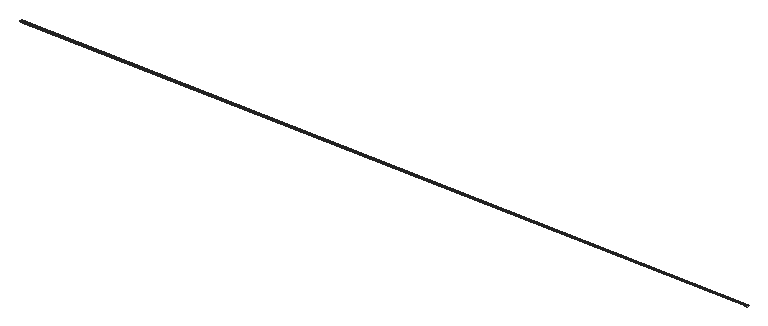
Revit family "Accessories-Teknion-CEALED_Recessed_LED_Light-R2022", category Furniture, Revit 2022
Family settings
  OmniClass Number = 23.40.20.00
  OmniClass Title = General Furniture and Specialties
  Work Plane-Based = No
  Always vertical = Yes
  Cut with Voids When Loaded = No
  Render Appearance Source = Family Geometry
  Shared = Yes
  Room Calculation Point = No
Parameters (values of type "Recessed LED Light")
  Width [instance] = 366.000"
  Warranty = "http://www.teknion.com/ca/papers/legal-canada"
  Unit Weight URL = "http://www.teknion.com/ca/tools/assets#&asset=bee6a381-b954-425e-8283-5a2de3a804f2,f828d448-4b62-4231-9e5f-9a8991c0ed77"
  URL = "www.teknion.com"
  To render please download texture images found here [instance] = "https://assets.teknion.com/web/5e81352c1dfdb467/revit-material-swatches/"
  Sustainability Data = "https://www.teknion.com/ca/tools/assets#&topic=216f99a5-57a0-44fc-b10a-9dee9b29ae4c&asset=444deb64-fe58-4b68-981e-f75e97781df7,b4ff2d81-9f2e-437d-9659-7cffb09c31cf"
  Series = "Expansion Casework+"  # constant formula
  Product Page URL = "https://www.teknion.com/ca//products/product-details?productLineId=30ca1270-8e7a-673b-a6c8-ff05004460c4"
  Product Line = "Accessories"  # constant formula
  Product Documentation Link = "https://www.teknion.com/pricing/expansion-casework/pdfs/CEALED_ppg.pdf"
  Part Number = "CEALED"  # constant formula
  Model = "CEALED_"
  Manufacturer Phone = "416-661-3370"  # constant formula
  Manufacturer Fax = "416.661.4586"  # constant formula
  Manufacturer Contact Information = "http://www.teknion.com/ca/contactus"
  Manufacturer Address = "1150 Flint Road, Toronto, ON. M3J 2J5. Canada"  # constant formula
  Manufacturer = "Teknion"  # constant formula
  How To Use Teknion Materials User Guide [instance] = "https://assets.teknion.com/m/205dd0a49fa58060/original/How-to-add-a-Material-Library-and-Texture-Images-to-your-Revit-project.pdf"
  For Additional Finishes please visit [instance] = "https://assets.teknion.com/m/44a8009b046e5d47/original/Teknion_Materials_Library.zip"
  Description = "Recessed LED Light 24W"
  Default Elevation = 0.000"
  Available Width [instance] = "24\"-366\" in 3\" increment"  # constant formula
  Assembly Code = "E2020200"
  Actual Width [instance] = Width - 4.204"  # 361.796"
Reference planes (in)
  plane 1 "Center Front/Back": y = -5.91339
  plane 2: z = 0
  plane 3 "Center Left/Right": x = 11.99999
  plane 4 "Left": x = -168.89801
  plane 5 "Right": x = 192.89799
  plane 6 "Back": y = -5.46063
  plane 7 "Front": y = -6.36614
  plane 8 "Top": z = 54.25157
Forms (in)
  Sweep 1, solid, material "Metal - Teknion - Annodized Aluminum"
    path origin (0, -5.91339, 0) x (1, 0, 0) y (0, 0, 1)
      loop
        line (11.99999, 54.25157) -> (11.99999, 54)
    profile origin (11.99999, -5.91339, 54.12579) x (0, -1, 0) y (1, 0, 0)
      loop
        line (-0.34193, -180.44488) -> (0.34193, -180.44488) -> (0.34193, 180.44489) -> (-0.34193, 180.44489) -> (-0.34193, -180.44488)
  Sweep 2, solid, material "Metal - Teknion - Annodized Aluminum"
    path origin (0, 0, 0) x (1, 0, 0) y (0, 1, 0)
      loop
        arc (-168.44488, -5.46063) -> (-168.89764, -5.91339) -> (-168.44488, -6.36614) r 0.45276
        line (-168.44488, -6.36614) -> (192.44488, -6.36614)
        arc (192.44488, -6.36614) -> (192.89764, -5.91339) -> (192.44488, -5.46063) r 0.45276
        line (192.44488, -5.46063) -> (-168.44488, -5.46063)
    profile origin (12, -5.46063, 0) x (0, 1, 0) y (0, 0, 1)
      loop
        line (0, 54) -> (-0.15748, 54) -> (-0.15748, 53.88189) -> (0, 53.96779) -> (0, 54)
  Sweep 3, solid, material "Metal - Teknion - Annodized Aluminum"
    path origin (0, -5.91339, 0) x (1, 0, 0) y (0, 0, 1)
      loop
        line (11.99999, 54) -> (11.99999, 53.88189)
    profile origin (11.99999, -5.91339, 53.94094) x (0, -1, 0) y (1, 0, 0)
      loop
        line (-0.29528, 180.44489) -> (-0.29528, -180.44488)
        arc (-0.29528, -180.44488) -> (0, -180.74015) -> (0.29528, -180.44488) r 0.29528
        line (0.29528, -180.44488) -> (0.29528, 180.44489)
        arc (0.29528, 180.44489) -> (0, 180.74016) -> (-0.29528, 180.44489) r 0.29528
Lines and regions (in)
  Masking region 1
    outline origin (0, 0, 0) x (1, 0, 0) y (0, 1, 0)
      loop
        line (192.44488, -5.46063) -> (-168.44488, -5.46063)
        arc (-168.44488, -5.46063) -> (-168.89764, -5.91339) -> (-168.44488, -6.36614) r 0.45276
        line (-168.44488, -6.36614) -> (192.44488, -6.36614)
        arc (192.44488, -6.36614) -> (192.89764, -5.91339) -> (192.44488, -5.46063) r 0.45276
  symbolic lines
    curve 1: line (192.44488, -5.57146, 0) -> (-168.44488, -5.57146, 0)
    curve 2: line (192.44488, -6.25531, 0) -> (192.44488, -5.57146, 0)
    curve 3: line (-168.44488, -6.25531, 0) -> (192.44488, -6.25531, 0)
    curve 4: line (-168.44488, -5.57146, 0) -> (-168.44488, -6.25531, 0)
  symbolic lines, style "FurnitureHiddenLines", detail levels medium+fine
    curve 5: line (192.44488, -5.61811, 0) -> (-168.44488, -5.61811, 0)
    curve 6: line (-168.44488, -6.20866, 0) -> (192.44488, -6.20866, 0)
    curve 7: arc (192.44488, -6.20866, 0) -> (192.74016, -5.91339, 0) -> (192.44488, -5.61811, 0) r 0.29528
    curve 8: arc (-168.44488, -5.61811, 0) -> (-168.74016, -5.91339, 0) -> (-168.44488, -6.20866, 0) r 0.29528
Dimensions and locks (in)
  "Actual Width": plane 4 "Left" to plane 5 "Right"
  locked: plane 6 "Back" to plane 7 "Front" at 0.90551
  locked: plane 8 "Top" to level at 54.25157
  equal spacing: plane 4 "Left", plane 3 "Center Left/Right", plane 5 "Right"
  equal spacing: plane 6 "Back", plane 1 "Center Front/Back", plane 7 "Front"
  locked: Sweep 1 sketch curve to Sweep 1 sketch curve at 0.25157
  locked: Sweep 1 sketch curve to plane 5 "Right" at 0.45311
  locked: plane 4 "Left" to Sweep 1 sketch curve at 0.45312
  Sweep 1 sketch curve to plane 1 "Center Front/Back" to Sweep 1 sketch curve = 0.34193" locked, 0.34193" locked
  locked: Sweep 2 sketch curve to plane 5 "Right" at 0.45311
  locked: plane 4 "Left" to Sweep 2 sketch curve at 0.45312
  locked: Sweep 3 sketch curve to Sweep 3 sketch curve at 0.11811
  locked: plane 5 "Right" to nested 1 at 2.102
  locked: plane 6 "Back" to nested 1 at 5.80217
  locked: nested 2 to plane 6 "Back" at 5.80217
  locked: nested 2 to plane 4 "Left" at 2.102
  aligned and locked: level to plane 2
  aligned and locked: plane 8 "Top" to Sweep 1 sketch curve
  aligned and locked: Sweep 1 sketch curve to plane 3 "Center Left/Right"
  aligned and locked: Sweep 2 sketch curve to plane 6 "Back"
  aligned and locked: plane 7 "Front" to Sweep 2 sketch curve
  aligned and locked: Sweep 3 sketch curve to plane 3 "Center Left/Right"
  aligned and locked: Sweep 2 to Sweep 3 sketch curve
  aligned and locked: Sweep 3 sketch curve to Sweep 2  (x2)
  aligned and locked: Masking region 1 sketch curve to Sweep 2  (x2)
  aligned and locked: curve 1 to Sweep 1
  aligned and locked: curve 2 to Sweep 1
  aligned and locked: curve 3 to Sweep 1
  aligned and locked: curve 4 to Sweep 1
  aligned and locked: curve 7 to Sweep 3
  aligned and locked: curve 8 to Sweep 3
Automatic sketch dimensions
  Sweep 2 sketch curve to profile plane = 0.000"
  level to Sweep 2 sketch curve = 53.96779"
  Sweep 2 sketch curve to Sweep 2 sketch curve = 0.03221"
  profile plane to Sweep 2 sketch curve = 0.15748"
  Sweep 2 sketch curve to Sweep 2 sketch curve = 0.0859"
Nested families (in)
  nested 1: "Teknion_2D_Node_Family-R2016" at (194.99999, 0.34154, 0), type "Teknion_2D_Node_Family-R2016"
  nested 2: "Teknion_2D_Node_Family-R2016" at (-171.00001, 0.34154, 0) x (-1, 0, 0) z (0, 0, 1), type "Teknion_2D_Node_Family-R2016"
Definition of nested family "Teknion_2D_Node_Family-R2016"
  Reference planes (in)
    plane 1 "Center (Front/Back)": y = 0
    plane 2: z = 0
    plane 3 "Center (Left/Right)": x = 0
  Lines and regions (in)
    detail lines, in view "Ref. Level"
      curve 1: circle (0, 0, 0) r 1.25 normal (0, 0, 1)
      curve 2: line (1.91508, -1.91508, 0) -> (-1.91508, 1.91508, 0)
      curve 3: line (-1.91508, -1.91508, 0) -> (1.91508, 1.91508, 0)
